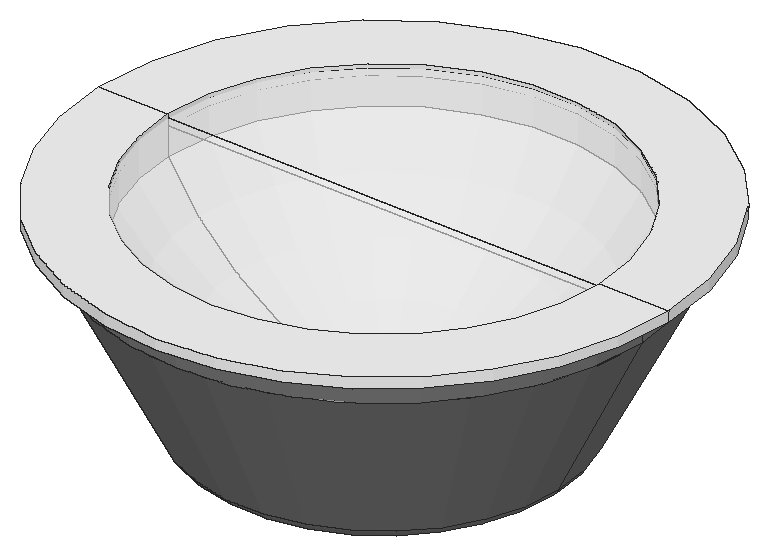
Revit family "30541", category Lighting Fixtures, host Face, Revit 2018
Family settings
  Host = Face
  Round Connector Dimension = Use Diameter
  Part Type = Normal
  OmniClass Number = 23.80.70.00
  OmniClass Title = Lighting
  Cut with Voids When Loaded = No
  Light Source = Yes
  Shared = No
  Room Calculation Point = No
Parameters (values of type "0030541 INSAVER SL  IP44 DALI 225 4950LM 840 ")
  WidthBezel_SYL = if(Size1_SYL, 20 mm, if(Size2_SYL, 20 mm, if(Size3PIR_SYL, 30 mm, if(Size4_SYL, 20 mm, 20 mm))))  # 20 mm
  Weight = "n/a"
  Wattage Comments = ""
  Wattage = 12 W
  WarrantyStartDate [instance] = "n/a"
  WarrantyGuarantorParts = "n/a"
  WarrantyDurationUnit = "n/a"
  WarrantyDurationParts = ""
  WarrantyDescription = "http://www.sylvania-lighting.com"
  built-in parameter 1150110 = 1 (stored number, unit not read)
  Voltage = 230 V
  VisibilityPIR_SYL = Size3PIR_SYL  # no
  URL = "0.96"
  TypeName = "Insaver Slim  IP44 DALI 225 4950lm 840"
  Type Image = <None>
  Type Comments = "n/a"
  built-in parameter 1114217 = 1 (stored number, unit not read)
  Tilt Angle = -90.00°
  built-in parameter 1150109 = 1 (stored number, unit not read)
  built-in parameter 1150134 = (empty or 0)
  built-in parameter 1150113 = 1 (stored number, unit not read)
  Size4_SYL = no
  Size3PIR_SYL = no
  Size2_SYL = no
  Size1_SYL = yes
  SerialNumber [instance] = "n/a"
  RadiusTop_SYL = 6 mm
  RadiusReflector_SYL = if(Size1_SYL, 85 mm, if(Size2_SYL, 85 mm, if(Size3PIR_SYL, 85 mm, if(Size4_SYL, 100 mm, 120 mm))))  # 85 mm
  Photometric Web File = "0030541.IES"
  Material_3_FEILO = Top-Sylvania-STARTDownlight
  PowerFactor = 0.9
  PowerConsumption = "Lighting"
  NominalLength = 165 mm
  NominalHeight = 50 mm
  NominalDepth = 165 mm
  Name = "Insaver Slim  IP44 DALI 225 4950lm 840"
  ModelReference = Name  # "Insaver Slim  IP44 DALI 225 4950lm 840"
  ModelNumber = "0030541"
  Model = Name  # "Insaver Slim  IP44 DALI 225 4950lm 840"
  Material = "Feilo Sylvania"
  ManufacturerName = "121 lm/W"
  Manufacturer = ""
  LuminousEfficacy = ""
  built-in parameter 1150105 = 31.446 (stored number, unit not read)
  Lumens = 395.16 lm
  LuminaireType = "0"
  built-in parameter 1150115 = 1 (stored number, unit not read)
  LightOutputRatio = "LED"
  built-in parameter 1150137 = (empty or 0)
  built-in parameter 1150139 = (empty or 0)
  LampsType = Lamp  # "n/a"
  LampNominalLuminous = "4000 K"
  LampMacAdamStep = "80"
  LampColourTemperature = "LED"
  LampColourRenderingIndex = "16500"
  built-in parameter 1150112 = 1 (stored number, unit not read)
  built-in parameter 1150114 = 1 (stored number, unit not read)
  Lamp = "n/a"
  Keynote = "n/a"
  InstallationDate [instance] = "n/a"
  InputVoltage = "0"
  InputNominalFrequency = "4000"
  built-in parameter 1150132 = (empty or 0)
  built-in parameter 1150102 = (empty or 0)
  built-in parameter 1150107 = 3000 (stored number, unit not read)
  built-in parameter 1150138 = (empty or 0)
  IngressProtection = "IfcLightFixtureType"
  ImpactProtectionIndex = "IfcLightFixtureType"
  built-in parameter 1150106 = 0.31446 (stored number, unit not read)
  IfcExportType = "IfcLightFixtureType"
  IfcExportAs = "Class II"
  Height_SYL = if(Size1_SYL, 61 mm, if(Size2_SYL, 61 mm, if(Size3PIR_SYL, 61 mm, if(Size4_SYL, 61 mm, 60 mm))))  # 61 mm
  HeightBezel_SYL = if(Size1_SYL, 3 mm, if(Size2_SYL, 3 mm, if(Size3PIR_SYL, 3 mm, if(Size4_SYL, 3.2 mm, 3 mm))))  # 3 mm
  ExpectedLife = 50000
  Emit from Circle Diameter = Diameter_SYL - 40 mm  # 125 mm
  Emit Shape Visible in Rendering = no
  ElectricShockClassification = "121"
  built-in parameter 1150104 = 3.0593 (stored number, unit not read)
  DurationUnit = "hours"
  DocumentationLiterature = "http://www.sylvania-lighting.com/product/en-int/products/0030541"
  DimmingControlOptions = "n/a"
  Material_2_FEILO = Diffuser-Sylvania-STARTDownlight
  Dimming Lamp Color Temperature Shift = <None>
  Diameter_SYL = if(Size1_SYL, 165 mm, if(Size2_SYL, 190 mm, if(Size3PIR_SYL, 211 mm, if(Size4_SYL, 220 mm, 240 mm))))  # 165 mm
  DiameterTop_SYL = if(Size1_SYL, 98 mm, if(Size2_SYL, 122 mm, if(Size3PIR_SYL, 120 mm, if(Size4_SYL, 135 mm, 158 mm))))  # 98 mm
  DiameterTopBase_SYL = DiameterRecess_SYL  # 150 mm
  DiameterRecess_SYL = if(Size1_SYL, 150 mm, if(Size2_SYL, 170 mm, if(Size3PIR_SYL, 186 mm, if(Size4_SYL, 200 mm, 225 mm))))  # 150 mm
  Description = "Insaver Slim is a ceiling recessed LED downlight (IP44 from the front),Die-cast aluminium body, loop in loop out connector for quick installation, Dimmable DALI driver of TRIDONIC (Driver LC 45W 450-1050mA 54V o4a NF SR EXC3  875000923), 41W; 4950lm; 121lm/W; 4000K; UGR <22 with shallow product depth 65mm. Meets TP(a) requirements."
  Default Elevation = 1219.2 mm
  CreatedOn = "05/03/2024"
  CreatedBy = "@sylvania-lighting.com"
  Cost = 0
  Color Filter = 16777215
  built-in parameter 1114216 [instance] = (empty or 0)
  ClassificationValue = "EF_70_80"
  ClassificationName = "Uniclass2015"
  Material_1_FEILO = Trim-Sylvania-STARTDownlight-White
  BarCode [instance] = "n/a"
  built-in parameter 1114218 = 1 (stored number, unit not read)
  built-in parameter 1150133 = 10 (stored number, unit not read)
  AssetType = "Fixed"
  AssetIdentifier [instance] = "n/a"
  Assembly Code = "D5020200"
  Apparent Load = 41 VA
  Material_4_FEILO = LED-Sylvania-STARTDownlight
Reference planes
  plane 1 "Center (Front/Back)": y = 0
  plane 2: z = 0
  plane 3 "Center (Left/Right)": x = 0
  plane 4: x = 82.5
  plane 5: x = -82.5
  plane 6: z = 3
  plane 7: z = -8
  plane 8: z = -58
  plane 9: x = -75
  plane 10: x = 75
  plane 11: x = -49
  plane 12: x = 49
  plane 13: z = -85
  plane 14: x = -62.5
  plane 15: z = 2
  plane 16: z = -46
  plane 17: x = -16
  plane 18: x = -67.5
  plane 19: x = -81.5
  plane 20: x = -99.5
  plane 21: x = -76.5
  plane 22: z = 5.5
  plane 23: z = 8.7
  plane 24: x = -75.5
  plane 25: z = 13.7
Forms (mm)
  Revolve 1, void
    sketch origin (0, 0, 0) x (1, 0, 0) y (0, 0, 1)
      loop
        line (0, 0) -> (-75, 0) -> (-75, -85) -> (0, -85) -> (0, 0)
      axis (0, 0) -> (0, -85)
    angle from 360 to 0
  Revolve 2, solid, material "Trim-Sylvania-STARTDownlight-White" <- "Material_1_FEILO"
    sketch origin (0, 0, 0) x (1, 0, 0) y (0, 0, 1)
      loop
        line (-62.5, 3) -> (-82.5, 3) -> (-82.5, 0) -> (-75, 0) -> (-75, -8) -> (-50.681, -54.768)
        arc (-50.681, -54.768) -> (-48.471, -57.129) -> (-45.357, -58) r 6
        line (-45.357, -58) -> (0, -58) -> (0, -46) -> (-16, -46)
        arc (-16, -46) -> (-42.718, -31.243) -> (-62.5, -8) r 85
        line (-62.5, -8) -> (-62.5, 3)
      axis (0, 3) -> (0, -58)
    angle from 360 to 0
  Revolve 3, solid, material "Diffuser-Sylvania-STARTDownlight" <- "Material_2_FEILO"
    sketch origin (0, 0, 0) x (1, 0, 0) y (0, 0, 1)
      loop
        line (-62.5, 0) -> (0, 0) -> (0, 2) -> (-62.5, 2) -> (-62.5, 0)
      axis (0, 2) -> (0, 0)
    angle from 360 to 0
  Revolve 4, solid, material "Trim-Sylvania-STARTDownlight-White" <- "Material_1_FEILO", visible <- "VisibilityPIR_SYL"
    sketch origin (0, 0, 0) x (1, 0, 0) y (0, 0, 1)
      loop
        line (-67.5, 3) -> (-67.5, 13.7)
        arc (-67.5, 13.7) -> (-72.217, 12.347) -> (-75.5, 8.7) r 8.9
        line (-75.5, 8.7) -> (-75.5, 5.5) -> (-76.5, 5.5) -> (-76.5, 3) -> (-67.5, 3)
      axis (-67.5, 13.7) -> (-67.5, 3)
    angle from 360 to 0
Dimensions and locks
  equal spacing: plane 4, plane 3 "Center (Left/Right)", plane 5
  "Diameter_SYL": plane 4 to plane 5
  equal spacing: plane 10, plane 3 "Center (Left/Right)", plane 9
  equal spacing: plane 12, plane 3 "Center (Left/Right)", plane 11
  "DiameterTop_SYL": plane 12 to plane 11
  "HeightBezel_SYL": plane 6 to plane 2
  "Height_SYL": plane 6 to plane 8
  locked: plane 2 to plane 7 at 8
  locked: plane 2 to plane 13 at 85
  "WidthBezel_SYL": plane 14 to plane 5
  locked: plane 6 to plane 15 at 1
  "DiameterRecess_SYL": plane 10 to plane 9
  locked: plane 3 "Center (Left/Right)" to plane 17 at 16
  locked: plane 16 to plane 8 at 12
  locked: plane 18 to plane 21 at 9
  locked: plane 22 to plane 6 at 2.5
  locked: plane 23 to plane 22 at 3.2
  locked: plane 18 to plane 24 at 8
  locked: plane 25 to plane 23 at 5
  locked: plane 25 to Revolve 4 sketch curve at 8.9
  locked: plane 18 to plane 5 at 15
  "RadiusReflector_SYL": radius of Revolve 2 sketch curve
  "RadiusTop_SYL": radius of Revolve 2 sketch curve
  aligned and locked: plane 2 to host face
  aligned and locked: level to host face
  aligned and locked: Revolve 1 sketch curve to plane 3 "Center (Left/Right)"
  aligned and locked: plane 3 "Center (Left/Right)" to Revolve 1 sketch curve
  aligned and locked: Revolve 1 sketch curve to plane 9
  aligned and locked: plane 13 to Revolve 1 sketch curve
  aligned and locked: plane 3 "Center (Left/Right)" to imposter light
  aligned and locked: imposter light to plane 15
  aligned and locked: imposter light to plane 1 "Center (Front/Back)"
  aligned and locked: Revolve 2 sketch curve to plane 3 "Center (Left/Right)"
  aligned and locked: Revolve 2 sketch curve to plane 6
  aligned and locked: Revolve 2 sketch curve to plane 5
  aligned and locked: Revolve 2 sketch curve to level
  aligned and locked: plane 7 to Revolve 2 sketch curve  (x2)
  aligned and locked: Revolve 2 sketch curve to plane 9
  aligned and locked: plane 8 to Revolve 2 sketch curve
  aligned and locked: Revolve 2 sketch curve to plane 14
  aligned and locked: plane 3 "Center (Left/Right)" to Revolve 2 sketch curve
  aligned and locked: Revolve 2 sketch curve to plane 16
  aligned and locked: Revolve 3 sketch curve to plane 3 "Center (Left/Right)"
  aligned and locked: Revolve 3 sketch curve to level
  aligned and locked: imposter light to Revolve 3 sketch curve  (x2)
  aligned and locked: Revolve 4 sketch curve to plane 18  (x2)
  aligned and locked: Revolve 4 sketch curve to plane 6
  aligned and locked: plane 22 to Revolve 4 sketch curve
  aligned and locked: plane 24 to Revolve 4 sketch curve
  aligned and locked: Revolve 4 sketch curve to Revolve 4 sketch curve
  aligned and locked: plane 21 to Revolve 4 sketch curve
Automatic sketch dimensions
  host sketch curve to host sketch curve = 2438.4 mm  (x2)
  plane 13 to Revolve 1 sketch curve = 524.6 mm
  Revolve 1 sketch curve to plane 6 = 2606.058 mm
  Revolve 1 sketch curve to level = 0 mm
  Revolve 2 sketch curve to plane 17 = 0 mm
  Revolve 2 sketch curve to plane 11 = 1.681 mm
  plane 11 to Revolve 2 sketch curve = 3.643 mm
  plane 13 to Revolve 2 sketch curve = 524.6 mm
  Revolve 2 sketch curve to Revolve 2 sketch curve = 2577.983 mm
  Revolve 3 sketch curve to plane 14 = 0 mm
  plane 13 to Revolve 3 sketch curve = 524.6 mm
  Revolve 3 sketch curve to plane 6 = 2606.058 mm
  Revolve 4 sketch curve to plane 23 = 0 mm
  plane 13 to Revolve 4 sketch curve = 524.6 mm
  Revolve 4 sketch curve to Revolve 4 sketch curve = 2595.358 mm
Connectors
  electrical at (0, 0, 0), driven by "Apparent Load", driven by "PowerFactor", driven by "Voltage"
    settings: index 1, voltage 230 V, apparent load 41 VA, apparent load phase1 0 VA, apparent load phase2 0 VA, apparent load phase3 0 VA, power factor 0.9, load classification "Lighting", number of poles 1, system type 30, power factor state 1, is connector primary yes, connector utility no, sub classification motor no, connector description ""
